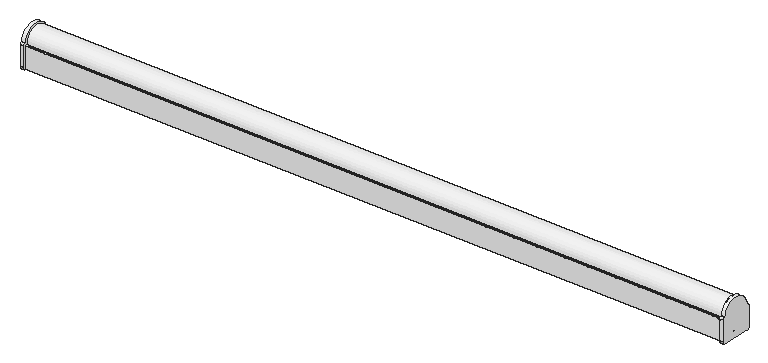
Revit family "0045192 Feilo Sylvania Lighting Fixture SYLBATTEN LED4 NW DALI TP5 ", category Lighting Fixtures, host Face, Revit 2017
Family settings
  Host = Face
  Round Connector Dimension = Use Diameter
  Part Type = Normal
  OmniClass Number = 23.80.70.00
  OmniClass Title = Lighting
  Cut with Voids When Loaded = No
  Light Source = Yes
  Shared = No
  Room Calculation Point = No
Parameters (values of type "0045192 SYLBATTEN LED4 NW DALI TP5")
  Width_FEILO = 66 mm
  Weight = "3.044 kg"
  Wattage Comments = "n/a"
  Wattage = 39 W
  WarrantyStartDate [instance] = "n/a"
  WarrantyGuarantorParts = "n/a"
  WarrantyDurationUnit = "n/a"
  WarrantyDurationParts = "n/a"
  WarrantyDescription = "n/a"
  built-in parameter 1150110 = 1 (stored number, unit not read)
  Voltage = 230 V
  URL = "http://www.sylvania-lighting.com"
  TypeName = "SYLBATTEN LED4 NW DALI TP5"
  Type Image = <None>
  Type Comments = "n/a"
  built-in parameter 1114217 = 1 (stored number, unit not read)
  Tilt Angle = -90.00°
  built-in parameter 1150109 = 1 (stored number, unit not read)
  built-in parameter 1150134 = 12
  SymReflector_FEILO = no
  built-in parameter 1150113 = 1 (stored number, unit not read)
  SerialNumber [instance] = "n/a"
  PowerFactor = 0
  PowerConsumption = "39 W"
  Photometric Web File = "0045192.ies"
  NominalLength = 1505 mm
  NominalHeight = 76 mm
  NominalDepth = 66 mm
  Name = "SYLBATTEN LED4 NW DALI TP5"
  ModelReference = Name  # "SYLBATTEN LED4 NW DALI TP5"
  ModelNumber = "0045192"
  Model = Name  # "SYLBATTEN LED4 NW DALI TP5"
  Material_4_FEILO = Reflector-Sylvania-Sylbatten-White
  Material_3_FEILO = Diffuser-Sylvania-Sylbatten-Glow
  Material_2_FEILO = Body-Sylvania-Sylbatten-White
  Material_1_FEILO = Body-Sylvania-Sylbatten-White
  Material = "sheet steel housing, polycarbonate diffuser"
  ManufacturerName = "Feilo Sylvania"
  Manufacturer = "Feilo Sylvania"
  LuminousEfficacy = "107.4 lm/W"
  built-in parameter 1150105 = 333.35 (stored number, unit not read)
  Lumens = 4188.99 lm
  LuminaireType = ""
  built-in parameter 1150115 = 1 (stored number, unit not read)
  LightOutputRatio = "100"
  built-in parameter 1150137 = (empty or 0)
  built-in parameter 1150139 = (empty or 0)
  Length_FEILO = 1505 mm
  LampsType = Lamp  # "LED"
  LampNominalLuminous = "4189 lm"
  LampMacAdamStep = "n/a"
  LampColourTemperature = "4000 K"
  LampColourRenderingIndex = "80"
  built-in parameter 1150112 = 1 (stored number, unit not read)
  built-in parameter 1150114 = 1 (stored number, unit not read)
  Lamp = "LED"
  Keynote = "16500"
  InstallationDate [instance] = "n/a"
  InputVoltage = "220-240V~"
  InputNominalFrequency = "n/a"
  built-in parameter 1150132 = (empty or 0)
  built-in parameter 1150102 = (empty or 0)
  built-in parameter 1150107 = 4000 (stored number, unit not read)
  built-in parameter 1150138 = (empty or 0)
  IngressProtection = "IP20"
  ImpactProtectionIndex = "IK07"
  built-in parameter 1150106 = 3.3335 (stored number, unit not read)
  IfcExportType = "IfcLightFixtureType"
  IfcExportAs = "IfcLightFixtureType"
  Height_FEILO = 76 mm
  ExpectedLife = 50000
  Emit from Rectangle Width = Length_FEILO - 16 mm  # 1489 mm
  Emit from Rectangle Length = Width_FEILO - 40 mm  # 26 mm
  Emit Shape Visible in Rendering = no
  ElectricShockClassification = "Class I"
  built-in parameter 1150104 = 9.9787 (stored number, unit not read)
  DurationUnit = "hours"
  DocumentationLiterature = "http://www.sylvania-lighting.com/product/en-int/products/0045192"
  DimmingControlOptions = "Dimmable"
  Dimming Lamp Color Temperature Shift = <None>
  Description = "LED batten, T8 replacement, ease of installation through 2 part push-in design of the housing (safety cable included), through wiring capability (TP5 = 5 core), sheet steel, 4189LM, 39W, 107lm/W, 4000K, drive current: 350mA, CRI 80, 138° wide beam angle, DALI dimmable, IP20, IK07, 50,000 hrs (L70), (LxWxH) 1505x66x76mm, 5 step MacAdam ellipse, 3.7kg, white RAL 9016, Class 1, 220-240V, energy class: A++, A+, A."
  Default Elevation = 1219.2 mm
  CreatedOn = "2/22/2018"
  CreatedBy = ""
  Cost = 0
  Color Filter = 16777215
  built-in parameter 1114216 [instance] = (empty or 0)
  ClassificationValue = "EF_70_80"
  ClassificationName = "Uniclass2015"
  CapOffset_FEILO = 2 mm
  BarCode [instance] = "n/a"
  built-in parameter 1114218 = 1 (stored number, unit not read)
  BackReflector_FEILO = and(not(AsymReflector_FEILO), SymReflector_FEILO)  # no
  built-in parameter 1150133 = 10 (stored number, unit not read)
  FrontReflector_FEILO = or(AsymReflector_FEILO, SymReflector_FEILO)  # no
  AsymReflector_FEILO = no
  AssetType = "Fixed"
  AssetIdentifier [instance] = "n/a"
  Assembly Code = "D5020200"
  Apparent Load = 39 VA
Reference planes
  plane 1 "Center (Front/Back)": y = 0
  plane 2: z = 0
  plane 3 "Center (Left/Right)": x = 0
  plane 4: x = 752.5
  plane 5: x = -752.5
  plane 6: y = 33
  plane 7: y = -33
  plane 8: z = 76
  plane 9: z = 47
  plane 10: y = -29
  plane 11: y = 29
  plane 12: z = 20
  plane 13: z = 74
  plane 14: y = -31
  plane 15: y = -27
  plane 16: y = 27
  plane 17: y = 31
  plane 18: z = 2
  plane 19: x = -744.5
  plane 20: x = 744.5
  plane 21: z = 49
  plane 22: y = 1
  plane 23: y = -1
  plane 24: z = 21
  plane 25: z = 19
  plane 26: y = -61
  plane 27: y = 61
  plane 28: y = -56
  plane 29: y = 56
  plane 30: z = 91
  plane 31: z = 88
Forms (mm)
  Extrusion 1, solid, material "Body-Sylvania-Sylbatten-White" <- "Material_2_FEILO"
    sketch origin (0, 0, 0) x (0, 1, 0) y (0, 0, 1)
      loop
        line (-31, 2) -> (31, 2) -> (31, 45)
        arc (31, 45) -> (30.414, 46.414) -> (29, 47) r 2
        line (29, 47) -> (27, 47)
        arc (27, 47) -> (0, 74) -> (-27, 47) r 27
        line (-27, 47) -> (-29, 47)
        arc (-29, 47) -> (-30.414, 46.414) -> (-31, 45) r 2
        line (-31, 45) -> (-31, 2)
    from -744.5 to 744.5
  Extrusion 2, solid, material "Body-Sylvania-Sylbatten-White" <- "Material_2_FEILO"
    sketch origin (752.5, 1524, 1219.2) x (0, 1, 0) y (0, 0, 1)
      loop
        arc (-1494, -1219.2) -> (-1491.879, -1218.321) -> (-1491, -1216.2) r 3
        line (-1491, -1216.2) -> (-1491, -1173.2)
        arc (-1491, -1173.2) -> (-1491.879, -1171.079) -> (-1494, -1170.2) r 3
        line (-1494, -1170.2) -> (-1495.069, -1170.2)
        arc (-1495.069, -1170.2) -> (-1524, -1143.2) -> (-1552.931, -1170.2) r 29
        line (-1552.931, -1170.2) -> (-1554, -1170.2)
        arc (-1554, -1170.2) -> (-1556.121, -1171.079) -> (-1557, -1173.2) r 3
        line (-1557, -1173.2) -> (-1557, -1216.2)
        arc (-1557, -1216.2) -> (-1556.121, -1218.321) -> (-1554, -1219.2) r 3
        line (-1554, -1219.2) -> (-1494, -1219.2)
      loop
        arc (-1525, -1189.25) -> (-1531.071, -1192.129) -> (-1533.95, -1198.2) r 10
        line (-1533.95, -1198.2) -> (-1532.944, -1198.2)
        arc (-1532.944, -1198.2) -> (-1530.364, -1192.836) -> (-1525, -1190.256) r 9
        line (-1525, -1190.256) -> (-1525, -1189.25)
      loop
        arc (-1523, -1190.256) -> (-1517.636, -1192.836) -> (-1515.056, -1198.2) r 9
        line (-1515.056, -1198.2) -> (-1514.05, -1198.2)
        arc (-1514.05, -1198.2) -> (-1516.929, -1192.129) -> (-1523, -1189.25) r 10
        line (-1523, -1189.25) -> (-1523, -1190.256)
      loop
        line (-1532.944, -1200.2) -> (-1533.95, -1200.2)
        arc (-1533.95, -1200.2) -> (-1531.071, -1206.271) -> (-1525, -1209.15) r 10
        line (-1525, -1209.15) -> (-1525, -1208.144)
        arc (-1525, -1208.144) -> (-1530.364, -1205.564) -> (-1532.944, -1200.2) r 9
      loop
        arc (-1515.056, -1200.2) -> (-1517.636, -1205.564) -> (-1523, -1208.144) r 9
        line (-1523, -1208.144) -> (-1523, -1209.15)
        arc (-1523, -1209.15) -> (-1516.929, -1206.271) -> (-1514.05, -1200.2) r 10
        line (-1514.05, -1200.2) -> (-1515.056, -1200.2)
    from 0 to -8
  Extrusion 3, solid, material "Body-Sylvania-Sylbatten-White" <- "Material_2_FEILO"
    sketch origin (-752.5, 1524, 1219.2) x (0, 1, 0) y (0, 0, 1)
      loop
        arc (-1495.069, -1170.2) -> (-1524, -1143.2) -> (-1552.931, -1170.2) r 29
        line (-1552.931, -1170.2) -> (-1554, -1170.2)
        arc (-1554, -1170.2) -> (-1556.121, -1171.079) -> (-1557, -1173.2) r 3
        line (-1557, -1173.2) -> (-1557, -1216.2)
        arc (-1557, -1216.2) -> (-1556.121, -1218.321) -> (-1554, -1219.2) r 3
        line (-1554, -1219.2) -> (-1494, -1219.2)
        arc (-1494, -1219.2) -> (-1491.879, -1218.321) -> (-1491, -1216.2) r 3
        line (-1491, -1216.2) -> (-1491, -1173.2)
        arc (-1491, -1173.2) -> (-1491.879, -1171.079) -> (-1494, -1170.2) r 3
        line (-1494, -1170.2) -> (-1495.069, -1170.2)
      loop
        line (-1533.95, -1198.2) -> (-1532.944, -1198.2)
        arc (-1532.944, -1198.2) -> (-1530.364, -1192.836) -> (-1525, -1190.256) r 9
        line (-1525, -1190.256) -> (-1525, -1189.25)
        arc (-1525, -1189.25) -> (-1531.071, -1192.129) -> (-1533.95, -1198.2) r 10
      loop
        line (-1523, -1189.25) -> (-1523, -1190.256)
        arc (-1523, -1190.256) -> (-1517.636, -1192.836) -> (-1515.056, -1198.2) r 9
        line (-1515.056, -1198.2) -> (-1514.05, -1198.2)
        arc (-1514.05, -1198.2) -> (-1516.929, -1192.129) -> (-1523, -1189.25) r 10
      loop
        line (-1514.05, -1200.2) -> (-1515.056, -1200.2)
        arc (-1515.056, -1200.2) -> (-1517.636, -1205.564) -> (-1523, -1208.144) r 9
        line (-1523, -1208.144) -> (-1523, -1209.15)
        arc (-1523, -1209.15) -> (-1516.929, -1206.271) -> (-1514.05, -1200.2) r 10
      loop
        line (-1525, -1209.15) -> (-1525, -1208.144)
        arc (-1525, -1208.144) -> (-1530.364, -1205.564) -> (-1532.944, -1200.2) r 9
        line (-1532.944, -1200.2) -> (-1533.95, -1200.2)
        arc (-1533.95, -1200.2) -> (-1531.071, -1206.271) -> (-1525, -1209.15) r 10
    from 0 to 8
  Extrusion 4, solid, material "Reflector-Sylvania-Sylbatten-White" <- "Material_4_FEILO", visible <- "FrontReflector_FEILO"
    sketch origin (0, 0, 0) x (0, 1, 0) y (0, 0, 1)
      loop
        line (-61.257, 88.429) -> (-60.743, 87.571) -> (-56.621, 90.044)
        arc (-56.621, 90.044) -> (-56.237, 90.099) -> (-55.929, 89.863) r 0.5
        line (-55.929, 89.863) -> (-31.435, 46.753) -> (-30.565, 47.247) -> (-55.312, 90.802)
        arc (-55.312, 90.802) -> (-55.928, 91.275) -> (-56.696, 91.165) r 1
        line (-56.696, 91.165) -> (-61.257, 88.429)
    from -744.5 to 744.5
  Extrusion 5, solid, material "Reflector-Sylvania-Sylbatten-White" <- "Material_4_FEILO", visible <- "BackReflector_FEILO"
    sketch origin (0, 0, 0) x (0, 1, 0) y (0, 0, 1)
      loop
        line (30.565, 47.247) -> (31.435, 46.753) -> (55.932, 89.868)
        arc (55.932, 89.868) -> (56.245, 90.112) -> (56.638, 90.062) r 0.518
        line (56.638, 90.062) -> (61.033, 87.565) -> (61.527, 88.435) -> (56.682, 91.188)
        arc (56.682, 91.188) -> (55.922, 91.282) -> (55.318, 90.812) r 1
        line (55.318, 90.812) -> (30.565, 47.247)
    from -744.5 to 744.5
Lines and regions (mm)
  reference lines
    curve 1: line (0, -61, 88) -> (0, -56, 91)
    curve 2: line (0, -56, 91) -> (0, -31, 47)
    curve 3: line (0, 31, 47) -> (0, 56, 91)
    curve 4: line (0, 56, 91) -> (0, 61.28, 88)
Dimensions and locks
  equal spacing: plane 5, plane 3 "Center (Left/Right)", plane 4
  equal spacing: plane 7, plane 1 "Center (Front/Back)", plane 6
  "Width_FEILO": plane 7 to plane 6
  "Length_FEILO": plane 5 to plane 4
  "Height_FEILO": plane 8 to plane 2
  locked: plane 9 to plane 8 at 29
  equal spacing: plane 10, plane 1 "Center (Front/Back)", plane 11
  locked: plane 7 to plane 10 at 4
  locked: plane 12 to plane 2 at 20
  "CapOffset_FEILO": plane 13 to plane 8
  "CapOffset_FEILO": plane 7 to plane 14
  "CapOffset_FEILO": plane 10 to plane 15
  "CapOffset_FEILO": plane 17 to plane 6
  "CapOffset_FEILO": plane 16 to plane 11
  "CapOffset_FEILO": plane 18 to plane 2
  locked: plane 14 to Extrusion 1 sketch curve at 2
  locked: Extrusion 1 sketch curve to plane 9 at 2  (x2)
  locked: plane 16 to Extrusion 1 sketch curve at 2
  equal spacing: plane 19, plane 3 "Center (Left/Right)", plane 20
  locked: plane 5 to plane 19 at 8
  "CapOffset_FEILO": plane 9 to plane 21
  locked: Extrusion 2 sketch curve to plane 2 at 47
  locked: Extrusion 1 sketch curve to plane 2 at 47
  locked: Extrusion 2 sketch curve to plane 2 at 3  (x2)
  locked: plane 7 to Extrusion 2 sketch curve at 3  (x2)
  locked: Extrusion 2 sketch curve to plane 6 at 3  (x2)
  locked: Extrusion 2 sketch curve to plane 21 at 3  (x2)
  equal spacing: plane 23, plane 1 "Center (Front/Back)", plane 22
  equal spacing: plane 25, plane 12, plane 24
  plane 30 to plane 31 to plane 2 = 3 mm locked, 88 mm locked
  plane 28 to plane 29 = 112 mm
  plane 26 to plane 27 = 122 mm
  aligned and locked: plane 2 to host face
  aligned and locked: level to host face
  aligned and locked: plane 18 to Extrusion 1 sketch curve
  aligned and locked: plane 14 to Extrusion 1 sketch curve
  aligned and locked: Extrusion 1 sketch curve to plane 9  (x2)
  aligned and locked: Extrusion 1 sketch curve to plane 17
  aligned and locked: plane 15 to Extrusion 1 sketch curve
  aligned and locked: plane 16 to Extrusion 1 sketch curve
  aligned and locked: plane 9 to Extrusion 1 sketch curve
  aligned and locked: plane 20 to Extrusion 1
  aligned and locked: level to Extrusion 2 sketch curve
  aligned and locked: Extrusion 2 sketch curve to plane 7
  aligned and locked: plane 21 to Extrusion 2 sketch curve
  aligned and locked: Extrusion 2 sketch curve to plane 21
  aligned and locked: plane 1 "Center (Front/Back)" to Extrusion 2 sketch curve  (x3)
  aligned and locked: Extrusion 2 to Extrusion 1
  aligned and locked: plane 4 to Extrusion 2
  aligned and locked: plane 12 to Extrusion 2 sketch curve  (x2)
  aligned and locked: Extrusion 2 sketch curve to plane 22
  aligned and locked: Extrusion 2 sketch curve to plane 23
  aligned and locked: Extrusion 2 sketch curve to plane 24
  aligned and locked: Extrusion 2 sketch curve to plane 25
  aligned and locked: plane 25 to Extrusion 2 sketch curve
  aligned and locked: plane 22 to Extrusion 2 sketch curve
  aligned and locked: plane 24 to Extrusion 2 sketch curve
  aligned and locked: plane 23 to Extrusion 2 sketch curve  (x2)
  aligned and locked: Extrusion 3 sketch curve to Extrusion 2  (x22)
  aligned and locked: Extrusion 3 to Extrusion 1
  aligned and locked: Extrusion 3 to plane 5
  aligned and locked: plane 19 to Extrusion 3
  aligned and locked: plane 31 to curve 1
  aligned and locked: plane 30 to curve 1
  aligned and locked: plane 14 to curve 2
  aligned and locked: plane 9 to curve 2
  aligned and locked: plane 17 to curve 3
  aligned and locked: plane 30 to curve 3
  aligned and locked: plane 31 to curve 4
  aligned and locked: Extrusion 4 sketch curve to curve 2
  aligned and locked: Extrusion 4 sketch curve to curve 1
  aligned and locked: Extrusion 4 to Extrusion 1
  aligned and locked: Extrusion 1 to Extrusion 4
  aligned and locked: imposter light to plane 1 "Center (Front/Back)"
  aligned and locked: imposter light to plane 3 "Center (Left/Right)"
  aligned and locked: imposter light to plane 13
  aligned and locked: Extrusion 5 sketch curve to curve 4
  aligned and locked: Extrusion 5 sketch curve to curve 3
  aligned and locked: Extrusion 1 to Extrusion 5
  aligned and locked: Extrusion 5 to Extrusion 1
Automatic sketch dimensions
  host sketch curve to host sketch curve = 2438.4 mm  (x2)
  Extrusion 2 sketch curve to Extrusion 2 sketch curve = 0 mm  (x14)
  Extrusion 2 sketch curve to plane 10 = 0.069 mm
  plane 23 to Extrusion 2 sketch curve = 8.95 mm
  Extrusion 2 sketch curve to Extrusion 2 sketch curve = 1.006 mm  (x4)
  Extrusion 2 sketch curve to plane 22 = 7.944 mm
  curve 1 to plane 26 = 0 mm
  curve 2 to plane 28 = 0 mm
  curve 4 to plane 29 = 0 mm
  plane 9 to curve 3 = 0 mm
  plane 26 to Extrusion 4 sketch curve = 0.257 mm
  Extrusion 4 sketch curve to plane 26 = 0.257 mm
  Extrusion 4 sketch curve to plane 30 = 0.165 mm
  plane 28 to Extrusion 4 sketch curve = 0.696 mm
  plane 28 to Extrusion 4 sketch curve = 0.621 mm
  plane 28 to Extrusion 4 sketch curve = 0.364 mm
  plane 28 to Extrusion 4 sketch curve = 0.182 mm
  Extrusion 4 sketch curve to plane 28 = 0.071 mm
  plane 30 to Extrusion 4 sketch curve = 0.198 mm
  Extrusion 4 sketch curve to plane 28 = 0.688 mm
  plane 9 to Extrusion 4 sketch curve = 0.247 mm
  plane 1 "Center (Front/Back)" to Extrusion 4 sketch curve = 31.435 mm
  Extrusion 5 sketch curve to plane 9 = 0.247 mm
  Extrusion 5 sketch curve to plane 1 "Center (Front/Back)" = 30.565 mm
  plane 9 to Extrusion 5 sketch curve = 0.247 mm
  plane 30 to Extrusion 5 sketch curve = 0.188 mm
  plane 29 to Extrusion 5 sketch curve = 0.068 mm
  Extrusion 5 sketch curve to plane 29 = 0.188 mm
  Extrusion 5 sketch curve to plane 29 = 0.382 mm
  Extrusion 5 sketch curve to Extrusion 5 sketch curve = 0.256 mm
  Extrusion 5 sketch curve to plane 30 = 0.188 mm
  Extrusion 5 sketch curve to plane 29 = 0.682 mm
  Extrusion 5 sketch curve to plane 27 = 0.033 mm
  Extrusion 5 sketch curve to plane 27 = 0.527 mm
Connectors
  electrical at (0, 0, 0), driven by "Apparent Load", driven by "PowerFactor", driven by "Voltage"
    settings: index 1, voltage 230 V, apparent load 39 VA, apparent load phase1 0 VA, apparent load phase2 0 VA, apparent load phase3 0 VA, power factor 0, load classification "Lighting", number of poles 1, system type 30, power factor state 1, is connector primary yes, connector utility no, sub classification motor no, connector description ""
